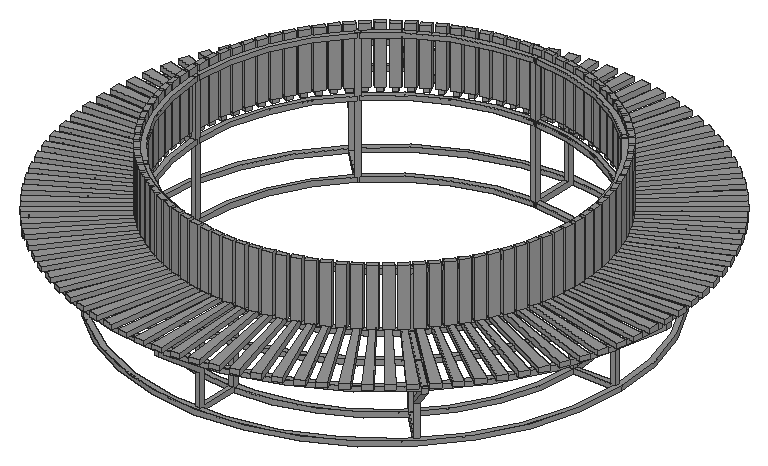
Revit family "Скамейка стальная «Диван круглый» Арт 11354", category Антураж, Revit 2018 (continued)
Definition of nested family "Скамейка стальная «Диван круглый» Арт 11354 Боярд"
  Forms (mm)
    Extrusion 218, solid, material <- "Цыет лавки"
      sketch origin (739.654, 489.925, 0) x (0.829457, 0.558571, 0) y (-0.558571, 0.829457, 0)
        loop
          line (1395.266, -837.507) -> (1395.266, -812.507) -> (1345.266, -812.507) -> (1345.266, -837.507) -> (1395.266, -837.507)
      from 440 to 745
    Extrusion 219, solid, material <- "Цыет лавки"
      sketch origin (861.659, 476.477, 0) x (0.783975, 0.620793, 0) y (-0.620793, 0.783975, 0)
        loop
          line (1277.868, -1331.197) -> (1266.462, -840.754) -> (1239.274, -840.754) -> (1227.868, -1331.197) -> (1277.868, -1331.197)
      from 415 to 440
    Extrusion 220, solid, material <- "Цыет лавки"
      sketch origin (861.659, 476.477, 0) x (0.783975, 0.620793, 0) y (-0.620793, 0.783975, 0)
        loop
          line (1277.868, -855.754) -> (1277.868, -830.754) -> (1227.868, -830.754) -> (1227.868, -855.754) -> (1277.868, -855.754)
      from 440 to 745
    Extrusion 221, solid, material <- "Цыет лавки"
      sketch origin (984.337, 472.467, 0) x (0.733835, 0.679328, 0) y (-0.679328, 0.733835, 0)
        loop
          line (1159.413, -1340.347) -> (1148.008, -849.905) -> (1120.819, -849.905) -> (1109.413, -1340.347) -> (1159.413, -1340.347)
      from 415 to 440
    Extrusion 222, solid, material <- "Цыет лавки"
      sketch origin (984.337, 472.467, 0) x (0.733835, 0.679328, 0) y (-0.679328, 0.733835, 0)
        loop
          line (1159.413, -864.905) -> (1159.413, -839.905) -> (1109.413, -839.905) -> (1109.413, -864.905) -> (1159.413, -864.905)
      from 440 to 745
    Extrusion 223, solid, material <- "Цыет лавки"
      sketch origin (1106.96, 477.916, 0) x (0.679337, 0.733827, 0) y (-0.733827, 0.679337, 0)
        loop
          line (1040.606, -1340.348) -> (1029.2, -849.905) -> (1002.011, -849.905) -> (990.606, -1340.348) -> (1040.606, -1340.348)
      from 415 to 440
    Extrusion 224, solid, material <- "Цыет лавки"
      sketch origin (1106.96, 477.916, 0) x (0.679337, 0.733827, 0) y (-0.733827, 0.679337, 0)
        loop
          line (1040.606, -864.905) -> (1040.606, -839.905) -> (990.606, -839.905) -> (990.606, -864.905) -> (1040.606, -864.905)
      from 440 to 745
    Extrusion 225, solid, material <- "Цыет лавки"
      sketch origin (1228.799, 492.793, 0) x (0.620803, 0.783967, 0) y (-0.783967, 0.620803, 0)
        loop
          line (922.151, -1331.199) -> (910.745, -840.756) -> (883.556, -840.756) -> (872.151, -1331.199) -> (922.151, -1331.199)
      from 415 to 440
    Extrusion 226, solid, material <- "Цыет лавки"
      sketch origin (1228.799, 492.793, 0) x (0.620803, 0.783967, 0) y (-0.783967, 0.620803, 0)
        loop
          line (922.151, -855.756) -> (922.151, -830.756) -> (872.151, -830.756) -> (872.151, -855.756) -> (922.151, -855.756)
      from 440 to 745
    Extrusion 227, solid, material <- "Цыет лавки"
      sketch origin (1349.13, 517.009, 0) x (0.558581, 0.82945, 0) y (-0.82945, 0.558581, 0)
        loop
          line (804.752, -1312.954) -> (793.347, -822.511) -> (766.158, -822.511) -> (754.752, -1312.954) -> (804.752, -1312.954)
      from 415 to 440
    Extrusion 228, solid, material <- "Цыет лавки"
      sketch origin (1349.13, 517.009, 0) x (0.558581, 0.82945, 0) y (-0.82945, 0.558581, 0)
        loop
          line (804.752, -837.511) -> (804.752, -812.511) -> (754.752, -812.511) -> (754.752, -837.511) -> (804.752, -837.511)
      from 440 to 745
    Extrusion 229, solid, material <- "Цыет лавки"
      sketch origin (1467.238, 550.42, 0) x (0.493041, 0.870006, 0) y (-0.870006, 0.493041, 0)
        loop
          line (689.108, -1285.721) -> (677.702, -795.279) -> (650.513, -795.279) -> (639.108, -1285.721) -> (689.108, -1285.721)
      from 415 to 440
    Extrusion 230, solid, material <- "Цыет лавки"
      sketch origin (1467.238, 550.42, 0) x (0.493041, 0.870006, 0) y (-0.870006, 0.493041, 0)
        loop
          line (689.108, -810.279) -> (689.108, -785.279) -> (639.108, -785.279) -> (639.108, -810.279) -> (689.108, -810.279)
      from 440 to 745
    Extrusion 231, solid, material <- "Цыет лавки"
      sketch origin (1582.423, 592.829, 0) x (0.424572, 0.905394, 0) y (-0.905394, 0.424572, 0)
        loop
          line (575.904, -1249.663) -> (564.498, -759.221) -> (537.31, -759.221) -> (525.904, -1249.663) -> (575.904, -1249.663)
      from 415 to 440
    Extrusion 232, solid, material <- "Цыет лавки"
      sketch origin (1582.423, 592.829, 0) x (0.424572, 0.905394, 0) y (-0.905394, 0.424572, 0)
        loop
          line (575.904, -774.221) -> (575.904, -749.221) -> (525.904, -749.221) -> (525.904, -774.221) -> (575.904, -774.221)
      from 440 to 745
    Extrusion 233, solid, material <- "Цыет лавки"
      sketch origin (1693.999, 643.983, 0) x (0.353581, 0.935404, 0) y (-0.935404, 0.353581, 0)
        loop
          line (465.814, -1204.994) -> (454.408, -714.551) -> (427.219, -714.551) -> (415.814, -1204.994) -> (465.814, -1204.994)
      from 415 to 440
    Extrusion 234, solid, material <- "Цыет лавки"
      sketch origin (1693.999, 643.983, 0) x (0.353581, 0.935404, 0) y (-0.935404, 0.353581, 0)
        loop
          line (465.814, -729.551) -> (465.814, -704.551) -> (415.814, -704.551) -> (415.814, -729.551) -> (465.814, -729.551)
      from 440 to 745
    Extrusion 235, solid, material <- "Цыет лавки"
      sketch origin (1801.305, 703.578, 0) x (0.28049, 0.959857, 0) y (-0.959857, 0.28049, 0)
        loop
          line (359.49, -1151.978) -> (348.085, -661.536) -> (320.896, -661.536) -> (309.49, -1151.978) -> (359.49, -1151.978)
      from 415 to 440
    Extrusion 236, solid, material <- "Цыет лавки"
      sketch origin (1801.305, 703.578, 0) x (0.28049, 0.959857, 0) y (-0.959857, 0.28049, 0)
        loop
          line (359.49, -676.536) -> (359.49, -651.536) -> (309.49, -651.536) -> (309.49, -676.536) -> (359.49, -676.536)
      from 440 to 745
    Extrusion 237, solid, material <- "Цыет лавки"
      sketch origin (1903.702, 771.26, 0) x (0.205733, 0.978608, 0) y (-0.978608, 0.205733, 0)
        loop
          line (257.566, -1090.932) -> (246.16, -600.489) -> (218.972, -600.489) -> (207.566, -1090.932) -> (257.566, -1090.932)
      from 415 to 440
    Extrusion 238, solid, material <- "Цыет лавки"
      sketch origin (1903.702, 771.26, 0) x (0.205733, 0.978608, 0) y (-0.978608, 0.205733, 0)
        loop
          line (257.566, -615.489) -> (257.566, -590.489) -> (207.566, -590.489) -> (207.566, -615.489) -> (257.566, -615.489)
      from 440 to 745
    Extrusion 239, solid, material <- "Цыет лавки"
      sketch origin (61.532, 760.459, 0) x (0.991548, 0.129741, 0) y (-0.129741, 0.991548, 0)
        loop
          line (658.566, -841.531) -> (706.883, -854.395) -> (822.047, -377.529) -> (795.774, -370.534) -> (658.566, -841.531)
      from 415 to 440
    Extrusion 240, solid, material <- "Цыет лавки"
      sketch origin (61.532, 760.459, 0) x (0.991548, 0.129741, 0) y (-0.129741, 0.991548, 0)
        loop
          line (780.893, -382.094) -> (829.209, -394.959) -> (835.641, -370.8) -> (787.325, -357.936) -> (780.893, -382.094)
      from 440 to 745
    Extrusion 241, solid, material <- "Цыет лавки"
      sketch origin (2000.582, 846.627, 0) x (0.129754, 0.991546, 0) y (-0.991546, 0.129754, 0)
        loop
          line (-232.508, 1982.171) -> (-280.824, 1969.306) -> (-143.605, 1498.312) -> (-117.332, 1505.308) -> (-232.508, 1982.171)
      from 415 to 440
    Extrusion 242, solid, material <- "Цыет лавки"
      sketch origin (2000.582, 846.627, 0) x (0.129754, 0.991546, 0) y (-0.991546, 0.129754, 0)
        loop
          line (-110.17, 1522.738) -> (-158.486, 1509.872) -> (-152.054, 1485.714) -> (-103.737, 1498.58) -> (-110.17, 1522.738)
      from 440 to 745
    Extrusion 243, solid, material <- "Цыет лавки"
      sketch origin (164.716, 693.982, 0) x (0.978611, 0.205721, 0) y (-0.205721, 0.978611, 0)
        loop
          line (435.305, -774.093) -> (481.073, -794.225) -> (668.105, -340.703) -> (643.217, -329.755) -> (435.305, -774.093)
      from 415 to 440
    Extrusion 244, solid, material <- "Цыет лавки"
      sketch origin (164.716, 693.982, 0) x (0.978611, 0.205721, 0) y (-0.205721, 0.978611, 0)
        loop
          line (626.738, -338.893) -> (672.505, -359.025) -> (682.572, -336.141) -> (636.804, -316.009) -> (626.738, -338.893)
      from 440 to 745
    Extrusion 245, solid, material <- "Цыет лавки"
      sketch origin (272.712, 635.65, 0) x (0.95986, 0.280479, 0) y (-0.280479, 0.95986, 0)
        loop
          line (223.232, -679.384) -> (265.366, -706.306) -> (519.829, -286.886) -> (496.918, -272.247) -> (223.232, -679.384)
      from 415 to 440
    Extrusion 246, solid, material <- "Цыет лавки"
      sketch origin (272.712, 635.65, 0) x (0.95986, 0.280479, 0) y (-0.280479, 0.95986, 0)
        loop
          line (479.23, -278.745) -> (521.363, -305.668) -> (534.824, -284.601) -> (492.691, -257.679) -> (479.23, -278.745)
      from 440 to 745
    Extrusion 247, solid, material <- "Цыет лавки"
      sketch origin (384.881, 585.808, 0) x (0.935408, 0.35357, 0) y (-0.35357, 0.935408, 0)
        loop
          line (25.931, -559.285) -> (63.43, -592.359) -> (379.287, -216.994) -> (358.896, -199.009) -> (25.931, -559.285)
      from 415 to 440
    Extrusion 248, solid, material <- "Цыет лавки"
      sketch origin (384.881, 585.808, 0) x (0.935408, 0.35357, 0) y (-0.35357, 0.935408, 0)
        loop
          line (340.42, -202.714) -> (377.919, -235.788) -> (394.455, -217.038) -> (356.956, -183.965) -> (340.42, -202.714)
      from 440 to 745
    Extrusion 249, solid, material <- "Цыет лавки"
      sketch origin (500.555, 544.753, 0) x (0.905399, 0.424561, 0) y (-0.424561, 0.905399, 0)
        loop
          line (-153.334, -416.174) -> (-121.359, -454.613) -> (248.397, -132.209) -> (231.01, -111.306) -> (-153.334, -416.174)
      from 415 to 440
    Extrusion 250, solid, material <- "Цыет лавки"
      sketch origin (500.555, 544.753, 0) x (0.905399, 0.424561, 0) y (-0.424561, 0.905399, 0)
        loop
          line (212.184, -112.13) -> (244.159, -150.57) -> (263.379, -134.583) -> (231.404, -96.143) -> (212.184, -112.13)
      from 440 to 745
    Extrusion 251, solid, material <- "Цыет лавки"
      sketch origin (619.047, 512.728, 0) x (0.870012, 0.49303, 0) y (-0.49303, 0.870012, 0)
        loop
          line (-311.686, -252.863) -> (-285.994, -295.757) -> (128.888, -33.962) -> (114.917, -10.637) -> (-311.686, -252.863)
      from 415 to 440
    Extrusion 252, solid, material <- "Цыет лавки"
      sketch origin (619.047, 512.728, 0) x (0.870012, 0.49303, 0) y (-0.49303, 0.870012, 0)
        loop
          line (96.188, -8.56) -> (121.881, -51.454) -> (143.328, -38.608) -> (117.636, 4.286) -> (96.188, -8.56)
      from 440 to 745
    Extrusion 253, solid, material <- "Цыет лавки"
      sketch origin (739.654, 489.925, 0) x (0.829457, 0.558571, 0) y (-0.558571, 0.829457, 0)
        loop
          line (-446.697, -72.54) -> (-427.897, -118.871) -> (22.269, 76.103) -> (12.046, 101.296) -> (-446.697, -72.54)
      from 415 to 440
    Extrusion 254, solid, material <- "Цыет лавки"
      sketch origin (739.654, 489.925, 0) x (0.829457, 0.558571, 0) y (-0.558571, 0.829457, 0)
        loop
          line (-6.142, 106.225) -> (12.658, 59.894) -> (35.823, 69.294) -> (17.023, 115.625) -> (-6.142, 106.225)
      from 440 to 745
    Extrusion 255, solid, material <- "Цыет лавки"
      sketch origin (861.659, 476.477, 0) x (0.783975, 0.620793, 0) y (-0.620793, 0.783975, 0)
        loop
          line (-556.433, 121.301) -> (-544.971, 72.632) -> (-70.202, 196.159) -> (-76.435, 222.624) -> (-556.433, 121.301)
      from 415 to 440
    Extrusion 256, solid, material <- "Цыет лавки"
      sketch origin (861.659, 476.477, 0) x (0.783975, 0.620793, 0) y (-0.620793, 0.783975, 0)
        loop
          line (-93.65, 230.287) -> (-82.189, 181.619) -> (-57.854, 187.35) -> (-69.316, 236.018) -> (-93.65, 230.287)
      from 440 to 745
    Extrusion 257, solid, material <- "Цыет лавки"
      sketch origin (984.337, 472.467, 0) x (0.733835, 0.679328, 0) y (-0.679328, 0.733835, 0)
        loop
          line (-639.496, 324.943) -> (-635.645, 275.092) -> (-147.538, 324.241) -> (-149.632, 351.349) -> (-639.496, 324.943)
      from 415 to 440
    Extrusion 258, solid, material <- "Цыет лавки"
      sketch origin (984.337, 472.467, 0) x (0.733835, 0.679328, 0) y (-0.679328, 0.733835, 0)
        loop
          line (-165.466, 361.565) -> (-161.615, 311.714) -> (-136.689, 313.64) -> (-140.54, 363.491) -> (-165.466, 361.565)
      from 440 to 745
    Extrusion 259, solid, material <- "Цыет лавки"
      sketch origin (1106.96, 477.916, 0) x (0.679337, 0.733827, 0) y (-0.733827, 0.679337, 0)
        loop
          line (-695.051, 534.528) -> (-698.901, 484.676) -> (-209.037, 458.282) -> (-206.943, 485.39) -> (-695.051, 534.528)
      from 415 to 440
    Extrusion 260, solid, material <- "Цыет лавки"
      sketch origin (1106.96, 477.916, 0) x (0.679337, 0.733827, 0) y (-0.733827, 0.679337, 0)
        loop
          line (-221.02, 497.917) -> (-224.87, 448.065) -> (-199.945, 446.14) -> (-196.094, 495.992) -> (-221.02, 497.917)
      from 440 to 745
    Extrusion 261, solid, material <- "Цыет лавки"
      sketch origin (1228.799, 492.793, 0) x (0.620803, 0.783967, 0) y (-0.783967, 0.620803, 0)
        loop
          line (-722.837, 746.138) -> (-734.297, 697.469) -> (-254.297, 596.157) -> (-248.065, 622.622) -> (-722.837, 746.138)
      from 415 to 440
    Extrusion 262, solid, material <- "Цыет лавки"
      sketch origin (1228.799, 492.793, 0) x (0.620803, 0.783967, 0) y (-0.783967, 0.620803, 0)
        loop
          line (-260.052, 637.162) -> (-271.512, 588.494) -> (-247.178, 582.763) -> (-235.717, 631.432) -> (-260.052, 637.162)
      from 440 to 745
    Extrusion 263, solid, material <- "Цыет лавки"
      sketch origin (1349.13, 517.009, 0) x (0.558581, 0.82945, 0) y (-0.82945, 0.558581, 0)
        loop
          line (-723.165, 955.888) -> (-741.964, 909.557) -> (-283.217, 735.732) -> (-272.995, 760.925) -> (-723.165, 955.888)
      from 415 to 440
    Extrusion 264, solid, material <- "Цыет лавки"
      sketch origin (1349.13, 517.009, 0) x (0.558581, 0.82945, 0) y (-0.82945, 0.558581, 0)
        loop
          line (-282.606, 777.134) -> (-301.405, 730.802) -> (-278.239, 721.403) -> (-259.44, 767.734) -> (-282.606, 777.134)
      from 440 to 745
    Extrusion 265, solid, material <- "Цыет лавки"
      sketch origin (1467.238, 550.42, 0) x (0.493041, 0.870006, 0) y (-0.870006, 0.493041, 0)
        loop
          line (-696.911, 1160.009) -> (-722.602, 1117.114) -> (-295.992, 874.899) -> (-282.022, 898.224) -> (-696.911, 1160.009)
      from 415 to 440
    Extrusion 266, solid, material <- "Цыет лавки"
      sketch origin (1467.238, 550.42, 0) x (0.493041, 0.870006, 0) y (-0.870006, 0.493041, 0)
        loop
          line (-289.03, 915.716) -> (-314.721, 872.821) -> (-293.274, 859.976) -> (-267.583, 902.871) -> (-289.03, 915.716)
      from 440 to 745
    Extrusion 267, solid, material <- "Цыет лавки"
      sketch origin (1582.423, 592.829, 0) x (0.424572, 0.905394, 0) y (-0.905394, 0.424572, 0)
        loop
          line (-645.483, 1354.927) -> (-677.457, 1316.486) -> (-293.106, 1011.628) -> (-275.719, 1032.531) -> (-645.483, 1354.927)
      from 415 to 440
    Extrusion 268, solid, material <- "Цыет лавки"
      sketch origin (1582.423, 592.829, 0) x (0.424572, 0.905394, 0) y (-0.905394, 0.424572, 0)
        loop
          line (-279.957, 1050.892) -> (-311.931, 1012.451) -> (-292.711, 996.465) -> (-260.737, 1034.905) -> (-279.957, 1050.892)
      from 440 to 745
    Extrusion 269, solid, material <- "Цыет лавки"
      sketch origin (1693.999, 643.983, 0) x (0.353581, 0.935404, 0) y (-0.935404, 0.353581, 0)
        loop
          line (-570.787, 1537.345) -> (-608.285, 1504.271) -> (-275.312, 1144.003) -> (-254.921, 1161.988) -> (-570.787, 1537.345)
      from 415 to 440
    Extrusion 270, solid, material <- "Цыет лавки"
      sketch origin (1693.999, 643.983, 0) x (0.353581, 0.935404, 0) y (-0.935404, 0.353581, 0)
        loop
          line (-256.29, 1180.782) -> (-293.788, 1147.707) -> (-277.251, 1128.958) -> (-239.753, 1162.033) -> (-256.29, 1180.782)
      from 440 to 745
    Extrusion 271, solid, material <- "Цыет лавки"
      sketch origin (1801.305, 703.578, 0) x (0.28049, 0.959857, 0) y (-0.959857, 0.28049, 0)
        loop
          line (-475.177, 1704.311) -> (-517.31, 1677.388) -> (-243.615, 1270.258) -> (-220.704, 1284.898) -> (-475.177, 1704.311)
      from 415 to 440
    Extrusion 272, solid, material <- "Цыет лавки"
      sketch origin (1801.305, 703.578, 0) x (0.28049, 0.959857, 0) y (-0.959857, 0.28049, 0)
        loop
          line (-219.17, 1303.679) -> (-261.302, 1276.756) -> (-247.841, 1255.69) -> (-205.708, 1282.613) -> (-219.17, 1303.679)
      from 440 to 745
    Extrusion 273, solid, material <- "Цыет лавки"
      sketch origin (1903.702, 771.26, 0) x (0.205733, 0.978608, 0) y (-0.978608, 0.205733, 0)
        loop
          line (-361.397, 1853.282) -> (-407.164, 1833.149) -> (-199.24, 1388.816) -> (-174.353, 1399.764) -> (-361.397, 1853.282)
      from 415 to 440
    Extrusion 274, solid, material <- "Цыет лавки"
      sketch origin (1903.702, 771.26, 0) x (0.205733, 0.978608, 0) y (-0.978608, 0.205733, 0)
        loop
          line (-169.953, 1418.086) -> (-215.72, 1397.953) -> (-205.654, 1375.07) -> (-159.886, 1395.203) -> (-169.953, 1418.086)
      from 440 to 745
    Extrusion 275, solid, material <- "Цыет лавки"
      sketch origin (-2065, 3504.062, 0) x (0, -1, 0) y (1, 0, 0)
        loop
          line (1495, 2565) -> (1495, 2540) -> (1545, 2540) -> (1545, 2565) -> (1495, 2565)
      from 440 to 745
    Extrusion 276, solid, material <- "Цыет лавки"
      sketch origin (-2065, 2514.062, 0) x (0, -1, 0) y (1, 0, 0)
        loop
          line (1495, 2565) -> (1495, 2540) -> (1545, 2540) -> (1545, 2565) -> (1495, 2565)
      from 440 to 745
    Extrusion 277, solid, material <- "Цыет лавки"
      sketch origin (-2065, 3442.187, 0) x (0, -1, 0) y (1, 0, 0)
        loop
          line (1495, 2565) -> (1495, 2540) -> (1545, 2540) -> (1545, 2565) -> (1495, 2565)
      from 440 to 745
    Extrusion 278, solid, material <- "Цыет лавки"
      sketch origin (-2065, 3380.312, 0) x (0, -1, 0) y (1, 0, 0)
        loop
          line (1495, 2565) -> (1495, 2540) -> (1545, 2540) -> (1545, 2565) -> (1495, 2565)
      from 440 to 745
    Extrusion 279, solid, material <- "Цыет лавки"
      sketch origin (-2065, 3318.437, 0) x (0, -1, 0) y (1, 0, 0)
        loop
          line (1495, 2565) -> (1495, 2540) -> (1545, 2540) -> (1545, 2565) -> (1495, 2565)
      from 440 to 745
    Extrusion 280, solid, material <- "Цыет лавки"
      sketch origin (-2065, 3256.562, 0) x (0, -1, 0) y (1, 0, 0)
        loop
          line (1495, 2565) -> (1495, 2540) -> (1545, 2540) -> (1545, 2565) -> (1495, 2565)
      from 440 to 745
    Extrusion 281, solid, material <- "Цыет лавки"
      sketch origin (-2065, 3194.687, 0) x (0, -1, 0) y (1, 0, 0)
        loop
          line (1495, 2565) -> (1495, 2540) -> (1545, 2540) -> (1545, 2565) -> (1495, 2565)
      from 440 to 745
    Extrusion 282, solid, material <- "Цыет лавки"
      sketch origin (-2065, 3132.812, 0) x (0, -1, 0) y (1, 0, 0)
        loop
          line (1495, 2565) -> (1495, 2540) -> (1545, 2540) -> (1545, 2565) -> (1495, 2565)
      from 440 to 745
    Extrusion 283, solid, material <- "Цыет лавки"
      sketch origin (-2065, 3070.937, 0) x (0, -1, 0) y (1, 0, 0)
        loop
          line (1495, 2565) -> (1495, 2540) -> (1545, 2540) -> (1545, 2565) -> (1495, 2565)
      from 440 to 745
    Extrusion 284, solid, material <- "Цыет лавки"
      sketch origin (-2065, 3009.062, 0) x (0, -1, 0) y (1, 0, 0)
        loop
          line (1495, 2565) -> (1495, 2540) -> (1545, 2540) -> (1545, 2565) -> (1495, 2565)
      from 440 to 745
    Extrusion 285, solid, material <- "Цыет лавки"
      sketch origin (-2065, 2947.187, 0) x (0, -1, 0) y (1, 0, 0)
        loop
          line (1495, 2565) -> (1495, 2540) -> (1545, 2540) -> (1545, 2565) -> (1495, 2565)
      from 440 to 745
    Extrusion 286, solid, material <- "Цыет лавки"
      sketch origin (-2065, 2885.312, 0) x (0, -1, 0) y (1, 0, 0)
        loop
          line (1495, 2565) -> (1495, 2540) -> (1545, 2540) -> (1545, 2565) -> (1495, 2565)
      from 440 to 745
    Extrusion 287, solid, material <- "Цыет лавки"
      sketch origin (-2065, 2823.437, 0) x (0, -1, 0) y (1, 0, 0)
        loop
          line (1495, 2565) -> (1495, 2540) -> (1545, 2540) -> (1545, 2565) -> (1495, 2565)
      from 440 to 745
    Extrusion 288, solid, material <- "Цыет лавки"
      sketch origin (-2065, 2761.562, 0) x (0, -1, 0) y (1, 0, 0)
        loop
          line (1495, 2565) -> (1495, 2540) -> (1545, 2540) -> (1545, 2565) -> (1495, 2565)
      from 440 to 745
    Extrusion 289, solid, material <- "Цыет лавки"
      sketch origin (-2065, 2699.687, 0) x (0, -1, 0) y (1, 0, 0)
        loop
          line (1495, 2565) -> (1495, 2540) -> (1545, 2540) -> (1545, 2565) -> (1495, 2565)
      from 440 to 745
    Extrusion 290, solid, material <- "Цыет лавки"
      sketch origin (-2065, 2637.812, 0) x (0, -1, 0) y (1, 0, 0)
        loop
          line (1495, 2565) -> (1495, 2540) -> (1545, 2540) -> (1545, 2565) -> (1495, 2565)
      from 440 to 745
    Extrusion 291, solid, material <- "Цыет лавки"
      sketch origin (-2065, 2575.937, 0) x (0, -1, 0) y (1, 0, 0)
        loop
          line (1495, 2565) -> (1495, 2540) -> (1545, 2540) -> (1545, 2565) -> (1495, 2565)
      from 440 to 745
    Extrusion 292, solid, material <- "Цыет лавки"
      sketch origin (0, 3504.062, 0) x (0, -1, 0) y (1, 0, 0)
        loop
          line (1495, 2565) -> (1495, 2540) -> (1545, 2540) -> (1545, 2565) -> (1495, 2565)
      from 440 to 745
    Extrusion 293, solid, material <- "Цыет лавки"
      sketch origin (0, 2514.062, 0) x (0, -1, 0) y (1, 0, 0)
        loop
          line (1495, 2565) -> (1495, 2540) -> (1545, 2540) -> (1545, 2565) -> (1495, 2565)
      from 440 to 745
    Extrusion 294, solid, material <- "Цыет лавки"
      sketch origin (0, 3442.187, 0) x (0, -1, 0) y (1, 0, 0)
        loop
          line (1495, 2565) -> (1495, 2540) -> (1545, 2540) -> (1545, 2565) -> (1495, 2565)
      from 440 to 745
    Extrusion 295, solid, material <- "Цыет лавки"
      sketch origin (0, 3380.312, 0) x (0, -1, 0) y (1, 0, 0)
        loop
          line (1495, 2565) -> (1495, 2540) -> (1545, 2540) -> (1545, 2565) -> (1495, 2565)
      from 440 to 745
    Extrusion 296, solid, material <- "Цыет лавки"
      sketch origin (0, 3318.437, 0) x (0, -1, 0) y (1, 0, 0)
        loop
          line (1495, 2565) -> (1495, 2540) -> (1545, 2540) -> (1545, 2565) -> (1495, 2565)
      from 440 to 745
    Extrusion 297, solid, material <- "Цыет лавки"
      sketch origin (0, 3256.562, 0) x (0, -1, 0) y (1, 0, 0)
        loop
          line (1495, 2565) -> (1495, 2540) -> (1545, 2540) -> (1545, 2565) -> (1495, 2565)
      from 440 to 745
    Extrusion 298, solid, material <- "Цыет лавки"
      sketch origin (0, 3194.687, 0) x (0, -1, 0) y (1, 0, 0)
        loop
          line (1495, 2565) -> (1495, 2540) -> (1545, 2540) -> (1545, 2565) -> (1495, 2565)
      from 440 to 745
    Extrusion 299, solid, material <- "Цыет лавки"
      sketch origin (0, 3132.812, 0) x (0, -1, 0) y (1, 0, 0)
        loop
          line (1495, 2565) -> (1495, 2540) -> (1545, 2540) -> (1545, 2565) -> (1495, 2565)
      from 440 to 745
    Extrusion 300, solid, material <- "Цыет лавки"
      sketch origin (0, 3070.937, 0) x (0, -1, 0) y (1, 0, 0)
        loop
          line (1495, 2565) -> (1495, 2540) -> (1545, 2540) -> (1545, 2565) -> (1495, 2565)
      from 440 to 745
    Extrusion 301, solid, material <- "Цыет лавки"
      sketch origin (0, 3009.062, 0) x (0, -1, 0) y (1, 0, 0)
        loop
          line (1495, 2565) -> (1495, 2540) -> (1545, 2540) -> (1545, 2565) -> (1495, 2565)
      from 440 to 745
    Extrusion 302, solid, material <- "Цыет лавки"
      sketch origin (0, 2947.187, 0) x (0, -1, 0) y (1, 0, 0)
        loop
          line (1495, 2565) -> (1495, 2540) -> (1545, 2540) -> (1545, 2565) -> (1495, 2565)
      from 440 to 745
    Extrusion 303, solid, material <- "Цыет лавки"
      sketch origin (0, 2885.312, 0) x (0, -1, 0) y (1, 0, 0)
        loop
          line (1495, 2565) -> (1495, 2540) -> (1545, 2540) -> (1545, 2565) -> (1495, 2565)
      from 440 to 745
    Extrusion 304, solid, material <- "Цыет лавки"
      sketch origin (0, 2823.437, 0) x (0, -1, 0) y (1, 0, 0)
        loop
          line (1495, 2565) -> (1495, 2540) -> (1545, 2540) -> (1545, 2565) -> (1495, 2565)
      from 440 to 745
    Extrusion 305, solid, material <- "Цыет лавки"
      sketch origin (0, 2761.562, 0) x (0, -1, 0) y (1, 0, 0)
        loop
          line (1495, 2565) -> (1495, 2540) -> (1545, 2540) -> (1545, 2565) -> (1495, 2565)
      from 440 to 745
    Extrusion 306, solid, material <- "Цыет лавки"
      sketch origin (0, 2699.687, 0) x (0, -1, 0) y (1, 0, 0)
        loop
          line (1495, 2565) -> (1495, 2540) -> (1545, 2540) -> (1545, 2565) -> (1495, 2565)
      from 440 to 745
    Extrusion 307, solid, material <- "Цыет лавки"
      sketch origin (0, 2637.812, 0) x (0, -1, 0) y (1, 0, 0)
        loop
          line (1495, 2565) -> (1495, 2540) -> (1545, 2540) -> (1545, 2565) -> (1495, 2565)
      from 440 to 745
    Extrusion 308, solid, material <- "Цыет лавки"
      sketch origin (0, 2575.937, 0) x (0, -1, 0) y (1, 0, 0)
        loop
          line (1495, 2565) -> (1495, 2540) -> (1545, 2540) -> (1545, 2565) -> (1495, 2565)
      from 440 to 745
    Extrusion 309, solid, material <- "Цыет лавки"
      sketch origin (-2065, 3565.937, 0) x (0, -1, 0) y (1, 0, 0)
        loop
          line (1495, 2565) -> (1495, 2540) -> (1545, 2540) -> (1545, 2565) -> (1495, 2565)
      from 440 to 745
  Dimensions and locks
    plane 3 "По центру (Влево/Вправо)" to plane 4 = 3040 mm  (x2)
    plane 5 to plane 1 "По центру (Вперед/Назад)" = 3040 mm
    plane 6 to level = 745 mm
    aligned and locked: level to plane 2
Types (5, lengths in mm): name | Ширина | Описание | Длина | Версия «Боярд» | Версия R750 | Версия R550 | Версия R1000
  (no name) | 3050 | "Скамейка стальная «Диван круглый». Версия R1000" | 3050 | no | no | no | yes
  Версия R550 | 2150 | "Скамейка стальная «Диван круглый». Версия R550" | 2150 | no | no | yes | no
  Версия R750 | 2550 | "Скамейка стальная «Диван круглый». Версия R750" | 2550 | no | yes | no | no
  Версия R1000 | 3050 | "Скамейка стальная «Диван круглый». Версия R1000" | 3050 | no | no | no | yes
  Версия «Боярд» | 3040 | "Скамейка стальная «Диван круглый». Версия «Боярд»" | 3040 | yes | no | no | no
